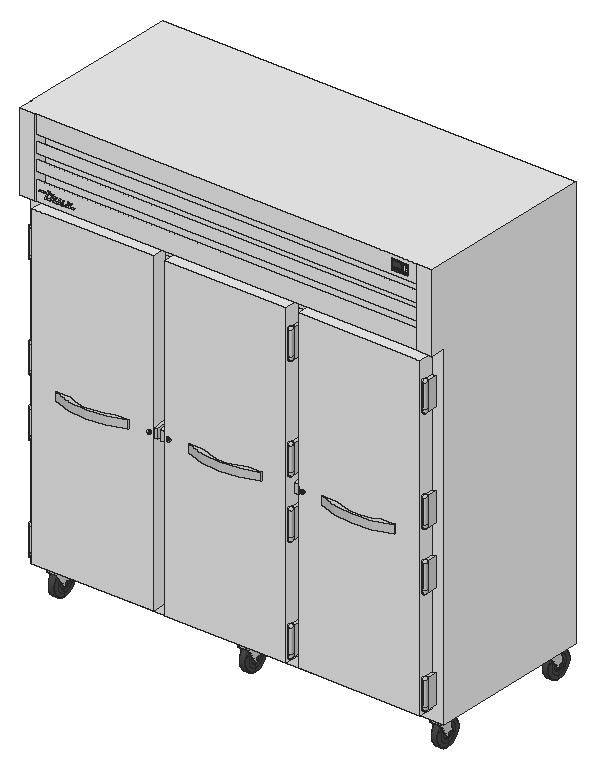
Revit family (continued)
Automatic sketch dimensions
  Extrusion 54 sketch curve to Extrusion 54 sketch curve = 0"
  Extrusion 54 sketch curve to Extrusion 54 sketch curve = 0.26876"
  plane 3 "LEFT" to Extrusion 55 sketch curve = 2 27/32"
  Extrusion 55 sketch curve to plane 5 "FRONT" = 5.09023"
  Extrusion 56 sketch curve to plane 4 "RIGHT" = 2 11/16"
  Extrusion 56 sketch curve to plane 5 "FRONT" = 5.09023"
  Extrusion 60 sketch curve to plane 4 "RIGHT" = 1.88366"
  Extrusion 60 sketch curve to Extrusion 60 sketch curve = 0.39759"
  Extrusion 60 sketch curve to plane 6 "TOP" = 19.6514"
  Extrusion 60 sketch curve to Extrusion 60 sketch curve = 4.47281"
  Extrusion 63 sketch curve to plane 4 "RIGHT" = 1.88366"
  Extrusion 63 sketch curve to Extrusion 63 sketch curve = 0.39759"
  plane 7 to Extrusion 63 sketch curve = 38.8486"
  Extrusion 63 sketch curve to Extrusion 63 sketch curve = 4.47281"
  Extrusion 66 sketch curve to plane 4 "RIGHT" = 1.88366"
  Extrusion 66 sketch curve to Extrusion 66 sketch curve = 0.39759"
  plane 7 to Extrusion 66 sketch curve = 27.8486"
  Extrusion 66 sketch curve to Extrusion 66 sketch curve = 4.47281"
  Extrusion 69 sketch curve to plane 4 "RIGHT" = 1.88366"
  Extrusion 69 sketch curve to Extrusion 69 sketch curve = 0.39759"
  plane 7 to Extrusion 69 sketch curve = 8.0986"
  plane 7 to Extrusion 69 sketch curve = 3.62579"
  plane 5 "FRONT" to Extrusion 71 sketch curve = 0"  (x2)
  plane 3 "LEFT" to Extrusion 71 sketch curve = 6.95"
  Extrusion 71 sketch curve to Extrusion 71 sketch curve = 2.4"  (x2)
  Extrusion 71 sketch curve to Extrusion 71 sketch curve = 4.4"
  Extrusion 71 sketch curve to Extrusion 71 sketch curve = 0"
  plane 5 "FRONT" to Extrusion 71 sketch curve = 0.2"
  Extrusion 71 sketch curve to plane 5 "FRONT" = 7.77899"
  Extrusion 71 sketch curve to Extrusion 71 sketch curve = 7.30945"
  plane 5 "FRONT" to Extrusion 74 sketch curve = 0"  (x3)
  Extrusion 74 sketch curve to plane 4 "RIGHT" = 2 1/4"
  plane 9 to Extrusion 74 sketch curve = 13 21/32"
  plane 9 to Extrusion 74 sketch curve = 11 11/32"
  Extrusion 74 sketch curve to plane 9 = 11 5/8"
  Extrusion 74 sketch curve to Extrusion 74 sketch curve = 2 1/32"
  plane 3 "LEFT" to Extrusion 74 sketch curve = 2 1/4"
  plane 3 "LEFT" to Extrusion 21 sketch curve = 2 9/32"
  Extrusion 21 sketch curve to Extrusion 21 sketch curve = 2 5/16"
  Extrusion 21 sketch curve to plane 9 = 13 21/32"
  plane 9 to Extrusion 21 sketch curve = 11 11/32"
  Extrusion 21 sketch curve to plane 4 "RIGHT" = 2 9/32"
  radius of Extrusion 70 sketch curve = 0.35"  (x2)
  radius of Extrusion 75 sketch curve = 0.35"
  radius of Extrusion 83 sketch curve = 1 1/2"
  radius of Extrusion 87 sketch curve = 1 1/2"
  radius of Extrusion 6 sketch curve = 1/4"
  radius of Extrusion 19 sketch curve = 1 1/2"
  radius of Extrusion 20 sketch curve = 1 1/2"
  radius of Extrusion 55 sketch curve = 1 1/2"
  radius of Extrusion 56 sketch curve = 1 1/2"
Connectors (in)
  electrical at (74.65625, -0.0625, 82), driven by "Volts", driven by "Watts"
    settings: on Extrusion 6, index 1, voltage 115 V, apparent load 1046.5 VA, apparent load phase1 0 VA, apparent load phase2 0 VA, apparent load phase3 0 VA, power factor 1, load classification "Other", number of poles 1, system type 30, power factor state 1, is connector primary yes, connector utility no, sub classification motor no, connector description "Electrical Connection"
